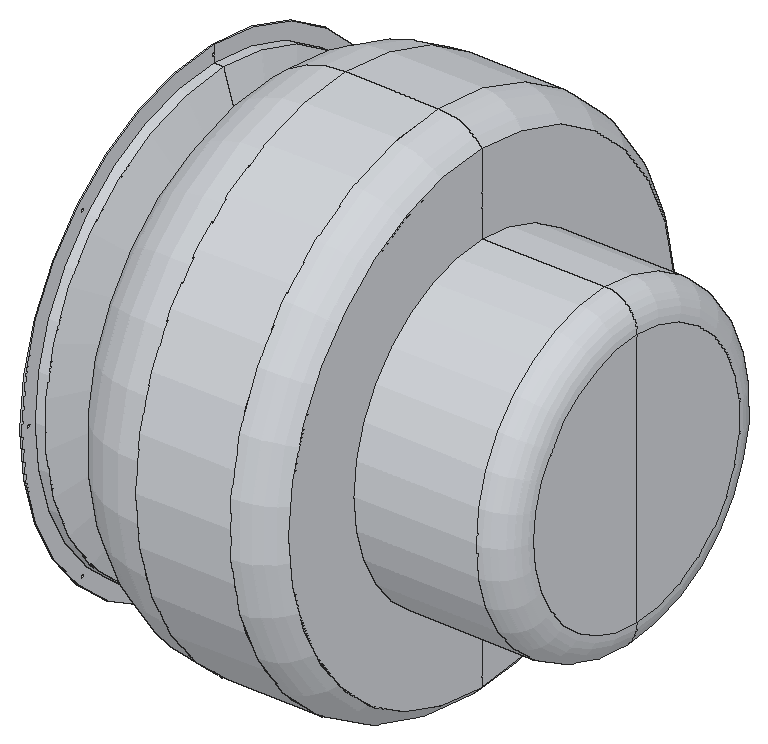
Revit family "ACW-B", category Mechanical Equipment, Revit 2019
Family settings
  Round Connector Dimension = Use Radius
  Part Type = Normal
  Work Plane-Based = No
  Always vertical = Yes
  Cut with Voids When Loaded = No
  Shared = No
  Room Calculation Point = No
Parameters (values of type "245_ACW-B")
  Unit Weight [instance] = ""
  T/2 = T / 2  # 22 1/2"
  T = 45"
  Sones [instance] = ""
  Motor RPM [instance] = ""
  Motor Enclosure [instance] = ""
  ModelID [instance] = ""
  LwA [instance] = ""
  HOLES = yes
  H = 4"  # constant formula
  G/2 = G / 2  # 3/16"
  G = 3/8"  # constant formula
  Fan RPM [instance] = ""
  F/2 = F / 2  # 21 3/4"
  F = 43 1/2"
  E_SQ = 24"
  E_ROUND/2 = E_ROUND / 2  # 11"
  E_ROUND = 22"
  C/2 = C / 2  # 19 15/16"
  C = 39 7/8"
  B/2 = B / 2  # 24 5/8"
  B = 49 1/4"
  Accessories [instance] = ""
  A/2 = A / 2  # 12 21/32"
  A = 25 5/16"
  45 = 45.00°  # constant formula
  3" = 3"  # constant formula
  Brake Hp [instance] = ""
  4" = 4"  # constant formula
  2' = 24"
  2" = 2"  # constant formula
  1" = 1"  # constant formula
  0 = 0"  # constant formula
  Voltage [instance] = 0 V
  URL = "www.lorencook.com"
  Type Comments = "Centrifugal Exhaust Ventilator Wall Mounted/Belt Drive"  # constant formula
  Static Pressure [instance] = 0.00 in-wg
  Power [instance] = Voltage * Motor FLA * sqrt(if(Phase = 3, 3, 1))  # 0 VA
  Phase [instance] = 0
  Number of Poles [instance] = 1
  Motor Hp [instance] = "0"
  Motor FLA [instance] = 0 A
  Model = "ACW-B"
  Manufacturer = "Loren Cook Company"
  CFM [instance] = 0 CFM
  1.5 = 1 1/2"  # constant formula
  ONE EIGTH = 1/8"  # constant formula
  ((B/2-E/2)*.3)+(E/2) = ((B / 2 - E_ROUND / 2) * 0.3) + (E_ROUND / 2)  # 15.0875"
Types (24): name | T/2 | T | F/2 | F | E_SQ | E_ROUND/2 | E_ROUND | C/2 | C | B/2 | B | A/2 | A | Model | ((B/2-E/2)*.3)+(E/2)
  (no name) | 22 1/2" | 45" | 21 3/4" | 43 1/2" | 24" | 11" | 22" | 19 15/16" | 39 7/8" | 24 5/8" | 49 1/4" | 12 21/32" | 25 5/16" | "ACW-B" | 15.0875"
  100_ACW-B | 10 5/8" | 21 1/4" | 9 7/8" | 19 3/4" | 10" | 5" | 10" | 10 11/16" | 21 3/8" | 12 19/32" | 25 3/16" | 6 1/2" | 13" | "ACW-B" | 7.27813"
  120_ACW-B | 12 1/2" | 25" | 11 3/4" | 23 1/2" | 12" | 6" | 12" | 13 1/8" | 26 1/4" | 15 3/32" | 30 3/16" | 9 7/32" | 18 7/16" | "ACW-B" | 8.72813"
  135_ACW-B | 12 1/2" | 25" | 11 3/4" | 23 1/2" | 12" | 6" | 12" | 14 3/8" | 28 3/4" | 15 3/32" | 30 3/16" | 9 7/32" | 18 7/16" | "ACW-B" | 8.72813"
  150_ACW-B | 15" | 30" | 14 1/4" | 28 1/2" | 16" | 7" | 14" | 15 3/16" | 30 3/8" | 17 11/32" | 34 11/16" | 10 1/32" | 20 1/16" | "ACW-B" | 10.10313"
  165_ACW-B | 15" | 30" | 14 1/4" | 28 1/2" | 16" | 7" | 14" | 15 7/16" | 30 7/8" | 17 11/32" | 34 11/16" | 10 1/32" | 20 1/16" | "ACW-B" | 10.10313"
  180_ACW-B | 18" | 36" | 17 1/4" | 34 1/2" | 20" | 9" | 18" | 17 13/16" | 35 5/8" | 19 23/32" | 39 7/16" | 11 11/32" | 22 11/16" | "ACW-B" | 12.21563"
  195_ACW-B | 18" | 36" | 17 1/4" | 34 1/2" | 20" | 11" | 22" | 18 1/16" | 36 1/8" | 19 23/32" | 39 7/16" | 11 11/32" | 22 11/16" | "ACW-B" | 13.61563"
  210_ACW-B | 20 1/2" | 41" | 19 3/4" | 39 1/2" | 24" | 11" | 22" | 18 7/8" | 37 3/4" | 22 5/8" | 45 1/4" | 11 27/32" | 23 11/16" | "ACW-B" | 14.4875"
  225_ACW-B | 20 1/2" | 41" | 19 3/4" | 39 1/2" | 24" | 11" | 22" | 19 1/8" | 38 1/4" | 22 5/8" | 45 1/4" | 11 27/32" | 23 11/16" | "ACW-B" | 14.4875"
  245_ACW-B | 22 1/2" | 45" | 21 3/4" | 43 1/2" | 24" | 11" | 22" | 19 15/16" | 39 7/8" | 24 5/8" | 49 1/4" | 12 21/32" | 25 5/16" | "ACW-B" | 15.0875"
  150_ACW-HP | 15" | 30" | 14 1/4" | 28 1/2" | 16" | 7" | 14" | 13 13/16" | 27 5/8" | 17 11/32" | 34 11/16" | 10 1/32" | 20 1/16" | "ACW-HP" | 10.10313"
  165_ACW-HP | 15" | 30" | 14 1/4" | 28 1/2" | 16" | 7" | 14" | 13 15/16" | 27 7/8" | 17 11/32" | 34 11/16" | 10 1/32" | 20 1/16" | "ACW-HP" | 10.10313"
  180_ACW-HP | 18" | 36" | 17 1/4" | 34 1/2" | 20" | 9" | 18" | 16 9/16" | 33 1/8" | 19 23/32" | 39 7/16" | 11 11/32" | 22 11/16" | "ACW-HP" | 12.21563"
  195_ACW-HP | 18" | 36" | 17 1/4" | 34 1/2" | 20" | 11" | 22" | 16 5/8" | 33 1/4" | 19 23/32" | 39 7/16" | 11 11/32" | 22 11/16" | "ACW-HP" | 13.61563"
  210_ACW-HP | 20 1/2" | 41" | 19 3/4" | 39 1/2" | 24" | 11" | 22" | 17 3/8" | 34 3/4" | 22 5/8" | 45 1/4" | 11 27/32" | 23 11/16" | "ACW-HP" | 14.4875"
  225_ACW-HP | 20 1/2" | 41" | 19 3/4" | 39 1/2" | 24" | 11" | 22" | 17 13/16" | 35 5/8" | 22 5/8" | 45 1/4" | 11 27/32" | 23 11/16" | "ACW-HP" | 14.4875"
  245_ACW-HP | 22 1/2" | 45" | 21 3/4" | 43 1/2" | 24" | 11" | 22" | 18 1/16" | 36 1/8" | 24 5/8" | 49 1/4" | 12 21/32" | 25 5/16" | "ACW-HP" | 15.0875"
  165_ACW-XP | 15" | 30" | 14 1/4" | 28 1/2" | 16" | 7" | 14" | 13 13/32" | 26 13/16" | 17 11/32" | 34 11/16" | 10 1/32" | 20 1/16" | "ACW-XP" | 10.10313"
  180_ACW-XP | 18" | 36" | 17 1/4" | 34 1/2" | 20" | 9" | 18" | 15 21/32" | 31 5/16" | 19 23/32" | 39 7/16" | 11 11/32" | 22 11/16" | "ACW-XP" | 12.21563"
  195_ACW-XP | 18" | 36" | 17 1/4" | 34 1/2" | 20" | 11" | 22" | 15 15/16" | 31 7/8" | 19 23/32" | 39 7/16" | 11 11/32" | 22 11/16" | "ACW-XP" | 13.61563"
  210_ACW-XP | 20 1/2" | 41" | 19 3/4" | 39 1/2" | 24" | 11" | 22" | 16 1/16" | 32 1/8" | 22 5/8" | 45 1/4" | 11 27/32" | 23 11/16" | "ACW-XP" | 14.4875"
  225_ACW-XP | 20 1/2" | 41" | 19 3/4" | 39 1/2" | 24" | 11" | 22" | 16 23/32" | 33 7/16" | 22 5/8" | 45 1/4" | 11 27/32" | 23 11/16" | "ACW-XP" | 14.4875"
  245_ACW-XP | 22 1/2" | 45" | 21 3/4" | 43 1/2" | 24" | 11" | 22" | 16 7/16" | 32 7/8" | 24 5/8" | 49 1/4" | 12 21/32" | 25 5/16" | "ACW-XP" | 15.0875"
Reference planes (in)
  plane 1 "Center (Front/Back)": y = 0
  plane 2: z = 0
  plane 3 "Center (Left/Right)": x = 0.40541
Forms (in)
  Revolve 1, solid
    sketch origin (0, 0, 0) x (1, 0, 0) y (0, 0, 1)
      loop
        line (0.40541, 11) -> (3.40541, 11) -> (3.40541, 15.0875) -> (1.53041, 21) -> (0.53041, 21) -> (0.53041, 22.5) -> (0.40541, 22.5) -> (0.40541, 11)
      axis (0.40541, 0) -> (3.40541, 0)
    angle from 0 to 360
  Extrusion 2, void
    sketch origin (0.40541, 0, 0) x (0, 1, 0) y (0, 0, 1)
      loop
        circle (0, 21.75) r 0.1875
      loop
        circle (21.75, 0) r 0.1875
      loop
        circle (0, -21.75) r 0.1875
      loop
        circle (-21.75, 0) r 0.1875
    from 0 to 0.125
  Extrusion 3, void
    sketch origin (0.40541, 0, 0) x (0, 1, 0) y (0, 0, 1)
      loop
        circle (-15.37957, 15.37957) r 0.1875
      loop
        circle (15.37957, 15.37957) r 0.1875
      loop
        circle (15.37957, -15.37957) r 0.1875
      loop
        circle (-15.37957, -15.37957) r 0.1875
    from 0 to 0.125
  Revolve 4, solid
    sketch origin (0, 0, 0) x (1, 0, 0) y (0, 0, 1)
      loop
        line (3.40541, 15.0875) -> (3.40541, 0) -> (25.71791, 0) -> (25.71791, 24.625) -> (12.94291, 24.625)
        arc (12.94291, 24.625) -> (6.19888, 21.83153) -> (3.40541, 15.0875) r 9.5375
      axis (3.40541, 0) -> (25.71791, 0)
    angle from 0 to 360
  Revolve 5, void
    sketch origin (0, 0, 0) x (1, 0, 0) y (0, 0, 1)
      loop
        arc (21.71791, 24.625) -> (23.95398, 24.09714) -> (25.71791, 22.625) r 5
        line (25.71791, 22.625) -> (25.71791, 24.625) -> (21.71791, 24.625)
      axis (25.71791, 0) -> (21.71791, 0)
    angle from 0 to 360
  Revolve 6, solid
    sketch origin (0, 0, 0) x (1, 0, 0) y (0, 0, 1)
      loop
        line (25.71791, 0) -> (40.28041, 0) -> (40.28041, 12.0875)
        arc (40.28041, 12.0875) -> (39.40173, 14.20882) -> (37.28041, 15.0875) r 3
        line (37.28041, 15.0875) -> (25.71791, 15.0875) -> (25.71791, 0)
      axis (40.28041, 0) -> (25.71791, 0)
    angle from 0 to 360
Cuts and joins
  Extrusion 2, Extrusion 3 cuts Revolve 1
  Revolve 5 cuts Revolve 4
Lines and regions (in)
  reference lines
    curve 1: line (0.40541, 15.37957, 15.37957) -> (0.40541, 0, 0)
    curve 2: line (0.40541, 0, 0) -> (0.40541, -15.37957, 15.37957)
    curve 3: line (0.40541, -15.37957, -15.37957) -> (0.40541, 0, 0)
    curve 4: line (0.40541, 0, 0) -> (0.40541, 15.37957, -15.37957)
    curve 5: line (0.40541, 15.37957, 15.37957) -> (0.40541, -15.37957, 15.37957)
    curve 6: line (0.40541, 15.37957, -15.37957) -> (0.40541, 15.37957, 15.37957)
    curve 7: line (0.40541, -15.37957, -15.37957) -> (0.40541, 15.37957, -15.37957)
    curve 8: line (0.40541, -15.37957, 15.37957) -> (0.40541, -15.37957, -15.37957)
Dimensions and locks (in)
  "0": Revolve 1 sketch curve to plane 3 "Center (Left/Right)"
  "ONE EIGTH": Revolve 1 sketch curve to Revolve 1 sketch curve
  "T/2": Revolve 1 sketch curve to level
  "E_ROUND/2": Revolve 1 sketch curve to level
  "3"": plane 3 "Center (Left/Right)" to Revolve 1 sketch curve
  "1"": Revolve 1 sketch curve to Revolve 1 sketch curve
  "((B/2-E/2)*.3)+(E/2)": Revolve 1 sketch curve to level
  "0": Revolve 1 sketch curve to level
  "1.5": Revolve 1 sketch curve to Revolve 1 sketch curve
  "F/2": Extrusion 2 sketch curve to level
  "F/2": plane 1 "Center (Front/Back)" to Extrusion 2 sketch curve
  "F/2": level to Extrusion 2 sketch curve
  "F/2": Extrusion 2 sketch curve to plane 1 "Center (Front/Back)"
  "0": Extrusion 2 sketch curve to plane 1 "Center (Front/Back)"  (x2)
  "0": Extrusion 2 sketch curve to level  (x2)
  "F/2": curve 4 to curve 1
  "F/2": curve 4 to curve 2
  "F/2": curve 4 to curve 3
  "F/2": curve 4 to curve 4
  "0": curve 1 to curve 5
  "0": curve 6 to curve 1
  "0": curve 3 to curve 8
  "0": curve 3 to curve 7
  "0": Extrusion 3 sketch curve to curve 5  (x2)
  "0": Extrusion 3 sketch curve to curve 6  (x2)
  "0": Extrusion 3 sketch curve to curve 8  (x2)
  "0": Extrusion 3 sketch curve to curve 7  (x2)
  "((B/2-E/2)*.3)+(E/2)": Revolve 4 sketch curve to level
  "0": Revolve 4 sketch curve to level  (x2)
  "A": plane 3 "Center (Left/Right)" to Revolve 4 sketch curve
  "0": Revolve 4 sketch curve to cut or joined group of Revolve 1, Extrusion 2, Extrusion 3
  "B/2": Revolve 4 sketch curve to level
  "0": Revolve 4 to Revolve 5 sketch curve
  "0": Revolve 5 sketch curve to Revolve 4
  "4"": Revolve 5 sketch curve to Revolve 5 sketch curve
  "2"": Revolve 5 sketch curve to Revolve 5 sketch curve
  "0": Revolve 5 sketch curve to level
  "0": Revolve 6 sketch curve to level  (x2)
  "0": Revolve 6 sketch curve to cut or joined group of Revolve 4, Revolve 5
  "C": Revolve 6 sketch curve to plane 3 "Center (Left/Right)"
  "((B/2-E/2)*.3)+(E/2)": Revolve 6 sketch curve to level
  "G/2": radius of Extrusion 2 sketch curve  (x4)
  "G/2": radius of Extrusion 3 sketch curve  (x4)
  "3"": radius of Revolve 6 sketch curve
  "45": angle curve 1 to level
  "45": angle curve 2 to plane 1 "Center (Front/Back)"
  "45": angle curve 3 to level
  "45": angle curve 4 to plane 1 "Center (Front/Back)"
Automatic sketch dimensions
  Revolve 1 sketch curve to Revolve 1 sketch curve = 8"
  Revolve 1 sketch curve to Revolve 1 sketch curve = 15"
  curve 4 to level = 0"
  curve 4 to plane 1 "Center (Front/Back)" = 0"
  Revolve 4 sketch curve to plane 3 "Center (Left/Right)" = 11"
  Revolve 4 sketch curve to Revolve 4 sketch curve = 4 5/16"
  Revolve 5 sketch curve to plane 3 "Center (Left/Right)" = 25 5/16"
  Revolve 5 sketch curve to Revolve 5 sketch curve = 24"
  Revolve 6 sketch curve to plane 3 "Center (Left/Right)" = 20.23748"
  Revolve 6 sketch curve to Revolve 6 sketch curve = 10"
Connectors (in)
  electrical at (0.53041, 0.0375, 0)
    settings: on cut or joined group of Revolve 1, Extrusion 2, Extrusion 3, index 1, voltage 0 V, apparent load 0 VA, apparent load phase1 0 VA, apparent load phase2 0 VA, apparent load phase3 0 VA, power factor 1, load classification "Other", number of poles 1, system type 30, power factor state 1, is connector primary yes, connector utility no, sub classification motor no, connector description ""
  hvac at (0.40541, -0.0375, 0), driven by "CFM", driven by "E_ROUND/2"
    settings: on cut or joined group of Revolve 1, Extrusion 2, Extrusion 3, index 2, duct flow 0 CFM, flow factor 0, pres drop 0.00 in-wg, loss coef 0, conn angle 0.00°, conn width 12", conn height 12", conn diameter 22", duct sys type 3, conn prof type 0, flow config 0, flow direction 1, loss method 0, conn ref index -1, conn util no, is conn primary yes, conn desc ""
  hvac at (0.40541, -0.0375, 0), driven by "E_SQ", driven by "E_SQ", driven by "CFM"
    settings: on cut or joined group of Revolve 1, Extrusion 2, Extrusion 3, index 3, duct flow 0 CFM, flow factor 0, pres drop 0.00 in-wg, loss coef 0, conn angle 0.00°, conn width 24", conn height 24", conn diameter 24", duct sys type 3, conn prof type 1, flow config 0, flow direction 1, loss method 0, conn ref index -1, conn util no, is conn primary no, conn desc ""
